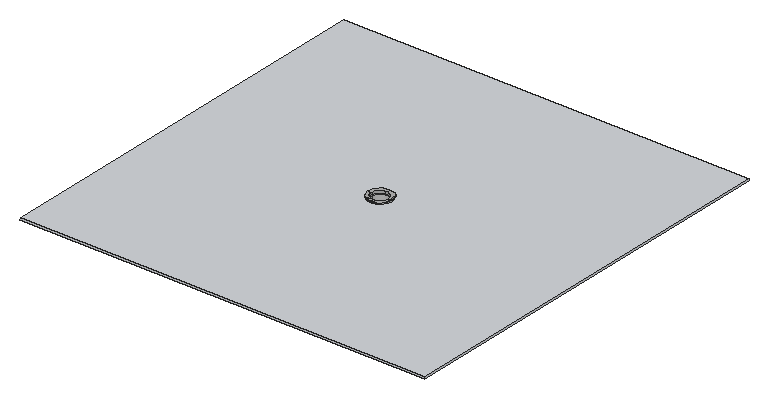
Revit family "LTR-4RD", category Lighting Fixtures, host Face, Revit 2021
Family settings
  Host = Face
  Round Connector Dimension = Use Diameter
  Part Type = Normal
  OmniClass Number = 23.80.70.11.14.11
  OmniClass Title = Downlights
  Cut with Voids When Loaded = No
  Light Source = Yes
  Shared = Yes
  Room Calculation Point = No
Parameters (values of type "LTR-4RD")
  Wattage Comments = "8-52"  # constant formula
  Wattage = 22.2 W
  Warranty = "5Years limited warranty"
  built-in parameter 1150110 = 1 (stored number, unit not read)
  Voltage = 120 V
  URL = "https://www.currentlighting.com/prescolite"
  built-in parameter 1114217 = 1 (stored number, unit not read)
  Tilt Angle = -90.00°
  built-in parameter 1150109 = 1 (stored number, unit not read)
  built-in parameter 1150134 = 12
  built-in parameter 1150113 = 1 (stored number, unit not read)
  Product Page URL = ""
  Product Documentation Link = ""
  Power Factor = 1
  Photometric Web File = "LTR-4RD-H-HL35L-DM1 LTR-4RD-T-HL35K8MDS.ies"
  Photometric Notes = "More IES files download on Photometric Web Link"  # constant formula
  Model = "LTR-4RD"  # constant formula
  Manufacturer = "Prescolite"  # constant formula
  built-in parameter 1150105 = 143.24 (stored number, unit not read)
  Lumens = 1799.98 lm
  built-in parameter 1150115 = 1 (stored number, unit not read)
  Load Classification = Lighting
  built-in parameter 1150137 = (empty or 0)
  built-in parameter 1150139 = (empty or 0)
  built-in parameter 1150112 = 1 (stored number, unit not read)
  built-in parameter 1150114 = 1 (stored number, unit not read)
  Lamp = "LED"  # constant formula
  built-in parameter 1150132 = (empty or 0)
  built-in parameter 1150102 = (empty or 0)
  built-in parameter 1150107 = 4000 (stored number, unit not read)
  built-in parameter 1150138 = (empty or 0)
  built-in parameter 1150106 = 1.4324 (stored number, unit not read)
  Glass = White Glass
  Features = "4inch architectural LED downlight delivering 600 – 4000 lm\r\n• Four beam distributions from 0.4 to 1.2 Spacing Criteria\r\n• Quiet reflector appearance with superior 50º optical cutoff\r\n• 2700K – 5000K, 80+ and 90+ CRI options\r\n• Available for New Construction (non-IC), Retrofit (non-IC), IC\r\nand Chicago Plenum applications\r\n• Variety of dimming protocol options including 0–10V, DALI,\r\nDMX, Lutron Forward Phase and EcoSystem\r\n• NX Distributed Intelligence™ wired and wireless controls\r\ncapability available"  # constant formula
  Emit from Circle Diameter = 4.00"  # constant formula
  Emit Shape Visible in Rendering = no
  built-in parameter 1150104 = 7.5326 (stored number, unit not read)
  Dimming Lamp Color Temperature Shift = <None>
  Description = "4in LED Downlight"  # constant formula
  Default Elevation = 48.00"
  Contact us = ""
  Color Filter = 16777215
  built-in parameter 1114218 = 1 (stored number, unit not read)
  Hardware Finish = Steel
  built-in parameter 1150133 = 10 (stored number, unit not read)
  Assembly Code = "D5020200"
  Apparent Load = 0 VA
Reference planes (in)
  plane 1 "Center (Front/Back)": y = 0.03999
  plane 2: z = 0
  plane 3 "Center (Left/Right)": x = -8.24832
  plane 4: x = -13.24832
  plane 5: x = 1.12668
  plane 6: y = 5.91499
  plane 7: y = -5.83501
  plane 8: z = -0.125
  plane 9: z = -2.865
  plane 10: z = -2.99
  plane 11: z = 0.51
  plane 12: z = 0.5725
  plane 13: x = -10.87332
  plane 14: x = -10.24832
  plane 15: x = -10.17454
  plane 16: x = -6.42646
  plane 17: x = -2.9049
  plane 18: x = -0.9049
  plane 19: y = 2.57276
  plane 20: y = -2.49278
  plane 21: through (-11.23409, -180, 3.23335) normal (0.9773, 0, 0.2119)
  plane 22: through (-10.98801, -180, 3.28671) normal (0.9773, 0, 0.2119)
  plane 23: y = 1.91499
  plane 24: y = -1.83501
  plane 25: z = 0.5625
  plane 26: z = -4.8175
Forms (in)
  Extrusion 1, solid
    sketch origin (-7.24832, 0, -2.58562) x (1, 0, 0) y (0, 1, 0)
      loop
        line (-48, 48) -> (-48, -48) -> (48, -48) -> (48, 48) -> (-48, 48)
    from 2.96062 to 2.58562
  Extrusion 2, void
    sketch origin (0, 0, 0) x (1, 0, 0) y (0, 1, 0)
      loop
        circle (-8.24832, 0.03999) r 2.125
    from 0.4375 to -0.125
  Extrusion 3, solid, material "Steel" <- "Hardware Finish", detail levels medium+fine
    sketch origin (0, 0, 0) x (1, 0, 0) y (0, 1, 0)
      loop
        line (-13.24832, 5.91499) -> (-13.24832, -5.83501) -> (1.12668, -5.83501) -> (1.12668, 5.91499) -> (-13.24832, 5.91499)
    from 0 to -0.125
  Revolve 4, solid, material "Steel" <- "Hardware Finish", detail levels medium+fine
    sketch origin (0, 0.03999, 0) x (1, 0, 0) y (0, 0, 1)
      loop
        line (-10.24832, -0.125) -> (-10.50598, -0.125) -> (-10.07914, -2.09375) -> (-9.82149, -2.09375) -> (-10.24832, -0.125)
      axis (-8.24832, -0.125) -> (-8.24832, -2.09375)
    angle from 0 to 360
  Revolve 5, solid, material "Steel" <- "Hardware Finish"
    sketch origin (0, 0.03999, 0) x (1, 0, 0) y (0, 0, 1)
      loop
        line (-10.24832, -0.125) -> (-10.24832, 0.5725) -> (-11.12332, 0.5725) -> (-11.12332, 0.51) -> (-10.74832, 0.51) -> (-10.74832, -0.125) -> (-10.24832, -0.125)
      axis (-8.24832, 0.5725) -> (-8.24832, -0.125)
    angle from 0 to 360
  Revolve 6, void
    sketch origin (0, 0.03999, 0) x (1, 0, 0) y (0, 0, 1)
      loop
        line (-10.18582, 0.8125) -> (-10.18582, 0) -> (-10.28716, 0) -> (-10.28716, -0.125) -> (-10.18582, -0.125) -> (-10.18582, -0.72216) -> (-9.71139, -2.865) -> (-8.24832, -2.865) -> (-8.24832, 0.8125) -> (-10.18582, 0.8125)
      axis (-8.24832, 0.8125) -> (-8.24832, -2.865)
    angle from 0 to 360
  Extrusion 7, solid, material "Steel" <- "Hardware Finish", detail levels medium+fine
    sketch origin (0, 0, 0) x (1, 0, 0) y (0, 1, 0)
      loop
        line (-2.9049, 2.57276) -> (-2.9049, -2.49278) -> (-0.9049, -2.49278) -> (-0.9049, 2.57276) -> (-2.9049, 2.57276)
    from -2.99 to 0
  Revolve 8, solid, material "Steel" <- "Hardware Finish", detail levels medium+fine
    sketch origin (0, 0.03999, 0) x (1, 0, 0) y (0, 0, 1)
      loop
        line (-10.34966, 0) -> (-10.34966, -0.125) -> (-10.24832, -0.125) -> (-10.24832, 0) -> (-10.34966, 0)
      axis (-8.24832, 0) -> (-8.24832, -0.125)
    angle from 0 to 360
  Extrusion 9, solid, material "White Glass" <- "Glass"
    sketch origin (-16.83938, -180, -2.99) x (-1, 0, 0) y (0, -1, 0)
      loop
        circle (-8.59106, -180.03999) r 2
    from 2.865 to 2.99
  Extrusion 10, solid, material "Steel" <- "Hardware Finish"
    sketch origin (-16.83938, -180, -2.99) x (-1, 0, 0) y (0, -1, 0)
      loop
        arc (-8.70908, -181.77339) -> (-8.53597, -181.78005) -> (-8.36304, -181.76953) r 1.74754
        line (-8.36304, -181.76953) -> (-8.36304, -181.67723) -> (-8.49788, -181.67723) -> (-8.49788, -181.55918) -> (-8.59106, -181.55918) -> (-8.59106, -181.67723) -> (-8.70908, -181.67723) -> (-8.70908, -181.77339)
      loop
        arc (-9.17317, -181.68651) -> (-8.99815, -181.73827) -> (-8.81868, -181.77148) r 1.74639
        line (-8.81868, -181.77148) -> (-8.79431, -181.68053) -> (-8.9248, -181.64556) -> (-8.89425, -181.53153) -> (-8.98425, -181.50742) -> (-9.0148, -181.62145) -> (-9.14629, -181.58621) -> (-9.17317, -181.68651)
      loop
        arc (-9.67441, -181.40975) -> (-9.52553, -181.51533) -> (-9.36646, -181.6048) r 1.74639
        line (-9.36646, -181.6048) -> (-9.31398, -181.52662) -> (-9.42615, -181.45133) -> (-9.36036, -181.35331) -> (-9.43772, -181.30138) -> (-9.50351, -181.3994) -> (-9.61654, -181.32353) -> (-9.67441, -181.40975)
      loop
        arc (-9.99201, -181.08268) -> (-9.87554, -181.2232) -> (-9.74504, -181.35079) r 1.74639
        line (-9.74504, -181.35079) -> (-9.67411, -181.28885) -> (-9.76297, -181.1871) -> (-9.67405, -181.10945) -> (-9.73534, -181.03927) -> (-9.82426, -181.11692) -> (-9.9138, -181.01438) -> (-9.99201, -181.08268)
      loop
        arc (-10.24565, -180.59873) -> (-10.1783, -180.76836) -> (-10.09362, -180.93004) r 1.74639
        line (-10.09362, -180.93004) -> (-10.00702, -180.89305) -> (-10.06009, -180.76881) -> (-9.95153, -180.72244) -> (-9.98813, -180.63675) -> (-10.09669, -180.68313) -> (-10.15016, -180.55794) -> (-10.24565, -180.59873)
      loop
        arc (-10.33389, -180.15145) -> (-10.31274, -180.33273) -> (-10.27278, -180.51082) r 1.74639
        line (-10.27278, -180.51082) -> (-10.17956, -180.4975) -> (-10.19867, -180.36376) -> (-10.0818, -180.34707) -> (-10.09498, -180.25483) -> (-10.21184, -180.27153) -> (-10.23109, -180.13677) -> (-10.33389, -180.15145)
      loop
        line (-7.92357, -181.65379) -> (-7.95566, -181.55504) -> (-8.08512, -181.5971) -> (-8.1216, -181.48483) -> (-8.21021, -181.51362) -> (-8.17373, -181.62589) -> (-8.30222, -181.66764) -> (-8.27312, -181.7572)
        arc (-8.27312, -181.7572) -> (-8.09564, -181.71464) -> (-7.92357, -181.65379) r 1.74639
      loop
        line (-7.5077, -181.40975) -> (-7.56557, -181.32353) -> (-7.6786, -181.3994) -> (-7.74439, -181.30138) -> (-7.82176, -181.35331) -> (-7.75596, -181.45133) -> (-7.86813, -181.52662) -> (-7.81565, -181.6048)
        arc (-7.81565, -181.6048) -> (-7.65658, -181.51533) -> (-7.5077, -181.40975) r 1.74639
      loop
        line (-7.1901, -181.08268) -> (-7.26831, -181.01438) -> (-7.35785, -181.11692) -> (-7.44677, -181.03927) -> (-7.50806, -181.10945) -> (-7.41914, -181.1871) -> (-7.508, -181.28885) -> (-7.43707, -181.35079)
        arc (-7.43707, -181.35079) -> (-7.30657, -181.2232) -> (-7.1901, -181.08268) r 1.74639
      loop
        line (-6.93646, -180.59873) -> (-7.03195, -180.55794) -> (-7.08542, -180.68313) -> (-7.19398, -180.63675) -> (-7.23058, -180.72244) -> (-7.12202, -180.76881) -> (-7.17509, -180.89305) -> (-7.08849, -180.93004)
        arc (-7.08849, -180.93004) -> (-7.00381, -180.76836) -> (-6.93646, -180.59873) r 1.74639
      loop
        line (-6.84822, -180.15145) -> (-6.95102, -180.13677) -> (-6.97027, -180.27153) -> (-7.08713, -180.25483) -> (-7.10031, -180.34707) -> (-6.98344, -180.36376) -> (-7.00255, -180.4975) -> (-6.90933, -180.51082)
        arc (-6.90933, -180.51082) -> (-6.86937, -180.33273) -> (-6.84822, -180.15145) r 1.74639
      loop
        line (-8.70908, -178.30659) -> (-8.70908, -178.40275) -> (-8.59106, -178.40275) -> (-8.59106, -178.5208) -> (-8.49788, -178.5208) -> (-8.49788, -178.40275) -> (-8.36304, -178.40275) -> (-8.36304, -178.31045)
        arc (-8.36304, -178.31045) -> (-8.53597, -178.29993) -> (-8.70908, -178.30659) r 1.74754
      loop
        line (-9.17317, -178.39347) -> (-9.14629, -178.49377) -> (-9.0148, -178.45854) -> (-8.98425, -178.57257) -> (-8.89425, -178.54845) -> (-8.9248, -178.43442) -> (-8.79431, -178.39946) -> (-8.81868, -178.3085)
        arc (-8.81868, -178.3085) -> (-8.99815, -178.34171) -> (-9.17317, -178.39347) r 1.74639
      loop
        line (-9.67441, -178.67023) -> (-9.61654, -178.75645) -> (-9.50351, -178.68058) -> (-9.43772, -178.7786) -> (-9.36036, -178.72668) -> (-9.42615, -178.62866) -> (-9.31398, -178.55337) -> (-9.36646, -178.47518)
        arc (-9.36646, -178.47518) -> (-9.52553, -178.56465) -> (-9.67441, -178.67023) r 1.74639
      loop
        line (-9.99201, -178.9973) -> (-9.9138, -179.0656) -> (-9.82426, -178.96307) -> (-9.73534, -179.04072) -> (-9.67405, -178.97054) -> (-9.76297, -178.89288) -> (-9.67411, -178.79113) -> (-9.74504, -178.72919)
        arc (-9.74504, -178.72919) -> (-9.87554, -178.85678) -> (-9.99201, -178.9973) r 1.74639
      loop
        line (-10.24565, -179.48125) -> (-10.15016, -179.52204) -> (-10.09669, -179.39686) -> (-9.98813, -179.44323) -> (-9.95153, -179.35754) -> (-10.06009, -179.31117) -> (-10.00702, -179.18693) -> (-10.09362, -179.14994)
        arc (-10.09362, -179.14994) -> (-10.1783, -179.31162) -> (-10.24565, -179.48125) r 1.74639
      loop
        line (-10.33389, -179.92853) -> (-10.23109, -179.94321) -> (-10.21184, -179.80846) -> (-10.09498, -179.82515) -> (-10.0818, -179.73291) -> (-10.19867, -179.71622) -> (-10.17956, -179.58248) -> (-10.27278, -179.56916)
        arc (-10.27278, -179.56916) -> (-10.31274, -179.74725) -> (-10.33389, -179.92853) r 1.74639
      loop
        arc (-7.92357, -178.42619) -> (-8.09564, -178.36534) -> (-8.27312, -178.32278) r 1.74639
        line (-8.27312, -178.32278) -> (-8.30222, -178.41234) -> (-8.17373, -178.45409) -> (-8.21021, -178.56636) -> (-8.1216, -178.59516) -> (-8.08512, -178.48288) -> (-7.95566, -178.52495) -> (-7.92357, -178.42619)
      loop
        arc (-7.5077, -178.67023) -> (-7.65658, -178.56465) -> (-7.81565, -178.47518) r 1.74639
        line (-7.81565, -178.47518) -> (-7.86813, -178.55337) -> (-7.75596, -178.62866) -> (-7.82176, -178.72668) -> (-7.74439, -178.7786) -> (-7.6786, -178.68058) -> (-7.56557, -178.75645) -> (-7.5077, -178.67023)
      loop
        arc (-7.1901, -178.9973) -> (-7.30657, -178.85678) -> (-7.43707, -178.72919) r 1.74639
        line (-7.43707, -178.72919) -> (-7.508, -178.79113) -> (-7.41914, -178.89288) -> (-7.50806, -178.97054) -> (-7.44677, -179.04072) -> (-7.35785, -178.96307) -> (-7.26831, -179.0656) -> (-7.1901, -178.9973)
      loop
        arc (-6.93646, -179.48125) -> (-7.00381, -179.31162) -> (-7.08849, -179.14994) r 1.74639
        line (-7.08849, -179.14994) -> (-7.17509, -179.18693) -> (-7.12202, -179.31117) -> (-7.23058, -179.35754) -> (-7.19398, -179.44323) -> (-7.08542, -179.39686) -> (-7.03195, -179.52204) -> (-6.93646, -179.48125)
      loop
        arc (-6.84822, -179.92853) -> (-6.86937, -179.74725) -> (-6.90933, -179.56916) r 1.74639
        line (-6.90933, -179.56916) -> (-7.00255, -179.58248) -> (-6.98344, -179.71622) -> (-7.10031, -179.73291) -> (-7.08713, -179.82515) -> (-6.97027, -179.80846) -> (-6.95102, -179.94321) -> (-6.84822, -179.92853)
    from 1.04065 to -1.6925
  Extrusion 11, solid
    sketch origin (-16.83938, -180, -2.99) x (-1, 0, 0) y (0, -1, 0)
      loop
        circle (-8.59106, -180.03999) r 1.51919
    from 1.03125 to -1.6925
  Sweep 12, solid, material "Steel" <- "Hardware Finish"
    path in 3D
      loop
        line (-1.88573, 2.57276, -2.77177) -> (-1.88573, 3.09861, -2.77177)
        arc (-1.88573, 3.09861, -2.77177) -> (-2.1054, 3.62894, -2.77177) -> (-2.63573, 3.84861, -2.77177) r 0.75
        line (-2.63573, 3.84861, -2.77177) -> (-5.9803, 3.84861, -2.77177) -> (-6.699, 3.84861, -2.77177)
        arc (-6.699, 3.84861, -2.77177) -> (-7.31481, 3.59353, -2.77177) -> (-7.56988, 2.97772, -2.77177) r 0.87089
        line (-7.56988, 2.97772, -2.77177) -> (-7.56988, 1.66951, -2.77177)
    profile origin (-2.1054, 3.62894, -2.77177) x (-0.707107, -0.707107, 0) y (0, 0, 1)
      loop
        circle (0, 0) r 0.09795
  Extrusion 13, solid, material "Steel" <- "Hardware Finish"
    sketch origin (0, 0.03999, 0) x (1, 0, 0) y (0, 0, 1)
      loop
        line (-8.24832, -0.125) -> (-10.37143, -0.125) -> (-12.11845, -1.30298)
        arc (-12.11845, -1.30298) -> (-12.04626, -1.48163) -> (-11.86847, -1.55587) r 0.25
        line (-11.86847, -1.55587) -> (-11.27597, -1.55587) -> (-10.37143, -1.01237) -> (-8.24832, -1.01237) -> (-8.24832, -0.125)
    from 2.12755 to 2.27227
  Extrusion 14, solid, material "Steel" <- "Hardware Finish"
    sketch origin (-16.49665, 0.03999, 0) x (-1, 0, 0) y (0, 0, 1)
      loop
        line (-8.24832, -0.125) -> (-10.37143, -0.125) -> (-12.11845, -1.30298)
        arc (-12.11845, -1.30298) -> (-12.04626, -1.48163) -> (-11.86847, -1.55587) r 0.25
        line (-11.86847, -1.55587) -> (-11.27597, -1.55587) -> (-10.37143, -1.01237) -> (-8.24832, -1.01237) -> (-8.24832, -0.125)
    from 2.12755 to 2.27227
Cuts and joins
  Revolve 6 cuts Extrusion 3
  joined: Extrusion 3, Extrusion 7
  joined: Revolve 4, Revolve 8
  Revolve 6 cuts Revolve 5
Lines and regions (in)
  symbolic lines
    curve 1: line (-13.24832, 5.91499, -2.99) -> (1.12668, 5.91499, -2.99)
    curve 2: line (-13.24832, -5.83501, -2.99) -> (-13.24832, 5.91499, -2.99)
    curve 3: line (1.12668, -5.83501, -2.99) -> (-13.24832, -5.83501, -2.99)
    curve 4: line (1.12668, 5.91499, -2.99) -> (1.12668, -5.83501, -2.99)
    curve 5: circle (-8.24832, 0.03999, -2.99) r 2.625 normal (0, 0, 1)
    curve 6: circle (-8.24832, 0.03999, -2.99) r 2 normal (0, 0, 1)
  sketch lines
    curve 7: arc (-1.88573, 3.09861, -2.77177) -> (-2.1054, 3.62894, -2.77177) -> (-2.63573, 3.84861, -2.77177) r 0.75
    curve 8: line (-1.88573, 3.09861, -2.77177) -> (-1.88573, 2.57276, -2.77177)
    curve 9: line (-5.9803, 3.84861, -2.77177) -> (-2.63573, 3.84861, -2.77177)
    curve 10: line (-5.9803, 3.84861, -2.77177) -> (-6.699, 3.84861, -2.77177)
    curve 11: arc (-6.699, 3.84861, -2.77177) -> (-7.31481, 3.59353, -2.77177) -> (-7.56988, 2.97772, -2.77177) r 0.87089
    curve 12: line (-7.56988, 2.97772, -2.77177) -> (-7.56988, 1.66951, -2.77177)
Dimensions and locks (in)
  equal spacing: plane 7, plane 1 "Center (Front/Back)", plane 6, locked at 5.875 each
  locked: plane 6 to plane 7 at 11.75
  locked: plane 4 to plane 5 at 14.375
  locked: plane 4 to plane 3 "Center (Left/Right)" at 5
  locked: Extrusion 1 to plane 8 at 0.5
  locked: Revolve 4 sketch curve to Revolve 4 sketch curve at 2
  locked: plane 11 to plane 2 at 0.51
  locked: plane 12 to plane 11 at 0.0625
  locked: plane 3 "Center (Left/Right)" to plane 13 at 2.625
  locked: plane 3 "Center (Left/Right)" to plane 14 at 2
  locked: plane 2 to plane 8 at 0.125
  locked: plane 17 to plane 18 at 2
  equal spacing: plane 19, plane 1 "Center (Front/Back)", plane 20, locked at 2.53277 each
  locked: plane 9 to plane 10 at 0.125
  locked: plane 11 to plane 10 at 3.5
  equal spacing: plane 23, plane 1 "Center (Front/Back)", plane 24, locked at 1.875 each
  imposter light to plane 26 = 5.38"
  aligned and locked: Extrusion 3 sketch curve to plane 6
  aligned and locked: plane 4 to Extrusion 3 sketch curve
  aligned and locked: Extrusion 3 sketch curve to plane 7
  aligned and locked: Extrusion 3 sketch curve to plane 5
  aligned and locked: Extrusion 3 to plane 8
  aligned and locked: Revolve 4 sketch curve to plane 3 "Center (Left/Right)"
  aligned and locked: Revolve 5 sketch curve to plane 3 "Center (Left/Right)"
  aligned and locked: Revolve 6 sketch curve to plane 3 "Center (Left/Right)"
  aligned and locked: level to Extrusion 7
  aligned and locked: Extrusion 7 to plane 10
  aligned and locked: plane 18 to cut or joined group of Extrusion 3, Revolve 6, Extrusion 7
  aligned and locked: plane 17 to cut or joined group of Extrusion 3, Revolve 6, Extrusion 7
  aligned and locked: plane 20 to cut or joined group of Extrusion 3, Revolve 6, Extrusion 7
  aligned and locked: plane 19 to cut or joined group of Extrusion 3, Revolve 6, Extrusion 7
  aligned and locked: plane 21 to Revolve 4 sketch curve
  aligned and locked: plane 22 to Revolve 4 sketch curve
  aligned and locked: Extrusion 9 to plane 8
  aligned and locked: plane 2 to Extrusion 9
  aligned and locked: Extrusion 1 to plane 2
  aligned and locked: curve 1 to cut or joined group of Extrusion 3, Revolve 6, Extrusion 7
  aligned and locked: curve 2 to cut or joined group of Extrusion 3, Revolve 6, Extrusion 7
  aligned and locked: curve 3 to cut or joined group of Extrusion 3, Revolve 6, Extrusion 7
  aligned and locked: curve 4 to cut or joined group of Extrusion 3, Revolve 6, Extrusion 7
  aligned and locked: Extrusion 2 to plane 8
  aligned and locked: imposter light to plane 25
Automatic sketch dimensions
  Extrusion 1 sketch curve to Extrusion 1 sketch curve = 96.00"  (x2)
  plane 1 "Center (Front/Back)" to Extrusion 2 sketch curve = 0.00"
  Extrusion 2 sketch curve to plane 3 "Center (Left/Right)" = 0.00"
  plane 15 to Revolve 4 sketch curve = 0.0954"
  Revolve 4 sketch curve to plane 26 = 0.31746"
  plane 25 to Revolve 4 sketch curve = 1.81246"
  Revolve 6 sketch curve to plane 8 = 0.00"
  Revolve 6 sketch curve to level = 0.00"
  Revolve 6 sketch curve to plane 9 = 0.00"
  Revolve 6 sketch curve to plane 3 "Center (Left/Right)" = 0.00"
  plane 15 to Revolve 6 sketch curve = 0.46314"
  Revolve 6 sketch curve to plane 15 = 0.01129"  (x2)
  Revolve 6 sketch curve to Revolve 6 sketch curve = 0.10133"
  Revolve 6 sketch curve to plane 8 = 0.59716"
  plane 25 to Revolve 6 sketch curve = 0.25"
  Revolve 6 sketch curve to Revolve 6 sketch curve = 0.60785"
  Revolve 6 sketch curve to Revolve 6 sketch curve = 1.41768"
  Extrusion 7 sketch curve to plane 17 = 0.00"
  Extrusion 7 sketch curve to plane 18 = 0.00"
  plane 20 to Extrusion 7 sketch curve = 0.00"
  Extrusion 7 sketch curve to plane 19 = 0.00"
  Revolve 8 sketch curve to plane 8 = 0.00"
  Revolve 8 sketch curve to level = 0.00"
  Revolve 8 sketch curve to plane 3 "Center (Left/Right)" = 0.00"
  Revolve 8 sketch curve to plane 15 = 0.07379"
  Revolve 8 sketch curve to Revolve 8 sketch curve = 0.10133"
  Revolve 8 sketch curve to plane 8 = 0.33144"
  level to Revolve 8 sketch curve = 0.12368"
  plane 1 "Center (Front/Back)" to Extrusion 9 sketch curve = 0.00"
  Extrusion 9 sketch curve to plane 3 "Center (Left/Right)" = 0.00"
  curve 5 to curve 6 = 0.00"  (x2)
  plane 1 "Center (Front/Back)" to curve 6 = 0.00"
  curve 6 to plane 3 "Center (Left/Right)" = 0.00"
  Extrusion 10 sketch curve to Extrusion 10 sketch curve = 0.00"  (x383)
  plane 1 "Center (Front/Back)" to Extrusion 10 sketch curve = 0.00"
  Extrusion 10 sketch curve to plane 3 "Center (Left/Right)" = 0.00"  (x3)
  Extrusion 10 sketch curve to Extrusion 10 sketch curve = 0.11803"  (x2)
  Extrusion 10 sketch curve to Extrusion 10 sketch curve = 0.08523"  (x2)
  Extrusion 10 sketch curve to plane 24 = 0.14351"
  Extrusion 10 sketch curve to Extrusion 10 sketch curve = 0.02437"  (x2)
  Extrusion 10 sketch curve to plane 23 = 0.14351"
  Extrusion 10 sketch curve to Extrusion 10 sketch curve = 0.09994"  (x2)
  Extrusion 10 sketch curve to Extrusion 10 sketch curve = 0.03055"  (x2)
  Extrusion 10 sketch curve to Extrusion 10 sketch curve = 0.09"  (x4)
  Extrusion 10 sketch curve to plane 24 = 0.29355"
  Extrusion 10 sketch curve to plane 23 = 0.29355"
  Extrusion 10 sketch curve to plane 24 = 0.32878"
  Extrusion 10 sketch curve to plane 23 = 0.32878"
  Extrusion 10 sketch curve to Extrusion 10 sketch curve = 0.16769"  (x2)
  Extrusion 10 sketch curve to Extrusion 10 sketch curve = 0.04638"  (x4)
  Extrusion 10 sketch curve to plane 24 = 0.31019"  (x2)
  Extrusion 10 sketch curve to Extrusion 10 sketch curve = 0.05248"  (x4)
  Extrusion 10 sketch curve to plane 23 = 0.31019"  (x2)
  Extrusion 10 sketch curve to plane 24 = 0.46367"  (x2)
  Extrusion 10 sketch curve to Extrusion 10 sketch curve = 0.06579"  (x4)
  Extrusion 10 sketch curve to plane 23 = 0.46367"  (x2)
  Extrusion 10 sketch curve to plane 23 = 0.61361"  (x2)
  Extrusion 10 sketch curve to plane 24 = 0.61361"  (x2)
  Extrusion 10 sketch curve to plane 23 = 0.51559"  (x2)
  Extrusion 10 sketch curve to plane 24 = 0.51559"  (x2)
  Extrusion 10 sketch curve to plane 24 = 0.59146"  (x2)
  Extrusion 10 sketch curve to plane 23 = 0.59146"  (x2)
  Extrusion 10 sketch curve to Extrusion 10 sketch curve = 0.05752"  (x4)
  Extrusion 10 sketch curve to Extrusion 10 sketch curve = 0.05757"  (x4)
  Extrusion 10 sketch curve to Extrusion 10 sketch curve = 0.06129"  (x8)
  Extrusion 10 sketch curve to Extrusion 10 sketch curve = 0.07063"  (x4)
  Extrusion 10 sketch curve to Extrusion 10 sketch curve = 0.08892"  (x4)
  Extrusion 10 sketch curve to Extrusion 10 sketch curve = 0.08954"  (x4)
  Extrusion 10 sketch curve to Extrusion 10 sketch curve = 0.03773"  (x4)
  Extrusion 10 sketch curve to Extrusion 10 sketch curve = 0.0366"  (x8)
  Extrusion 10 sketch curve to Extrusion 10 sketch curve = 0.07821"  (x4)
  Extrusion 10 sketch curve to Extrusion 10 sketch curve = 0.09322"  (x4)
  Extrusion 10 sketch curve to Extrusion 10 sketch curve = 0.10856"  (x4)
  Extrusion 10 sketch curve to Extrusion 10 sketch curve = 0.09367"  (x4)
  Extrusion 10 sketch curve to Extrusion 10 sketch curve = 0.0866"  (x4)
  plane 1 "Center (Front/Back)" to Extrusion 10 sketch curve = 0.21484"  (x2)
  Extrusion 10 sketch curve to Extrusion 10 sketch curve = 0.01318"  (x6)
  Extrusion 10 sketch curve to plane 1 "Center (Front/Back)" = 0.21484"  (x2)
  Extrusion 10 sketch curve to Extrusion 10 sketch curve = 0.05347"  (x4)
  Extrusion 10 sketch curve to Extrusion 10 sketch curve = 0.0294"  (x4)
  Extrusion 10 sketch curve to Extrusion 10 sketch curve = 0.11687"  (x2)
  Extrusion 10 sketch curve to plane 1 "Center (Front/Back)" = 0.09678"  (x2)
  Extrusion 10 sketch curve to Extrusion 10 sketch curve = 0.01925"  (x2)
  plane 1 "Center (Front/Back)" to Extrusion 10 sketch curve = 0.09678"  (x2)
  Extrusion 10 sketch curve to Extrusion 10 sketch curve = 0.09549"  (x4)
  Extrusion 10 sketch curve to Extrusion 10 sketch curve = 0.02713"  (x4)
  plane 1 "Center (Front/Back)" to Extrusion 10 sketch curve = 0.00737"
  Extrusion 10 sketch curve to plane 3 "Center (Left/Right)" = 0.03559"
  Extrusion 10 sketch curve to plane 1 "Center (Front/Back)" = 0.00737"
  Extrusion 10 sketch curve to plane 3 "Center (Left/Right)" = 0.09318"  (x2)
  Extrusion 10 sketch curve to Extrusion 10 sketch curve = 0.13484"  (x2)
  Extrusion 10 sketch curve to Extrusion 10 sketch curve = 0.06082"  (x2)
  Extrusion 10 sketch curve to plane 24 = 0.15779"
  Extrusion 10 sketch curve to Extrusion 10 sketch curve = 0.08992"  (x2)
  Extrusion 10 sketch curve to plane 23 = 0.15779"
  Extrusion 10 sketch curve to Extrusion 10 sketch curve = 0.092"  (x2)
  Extrusion 10 sketch curve to Extrusion 10 sketch curve = 0.03648"  (x2)
  Extrusion 10 sketch curve to Extrusion 10 sketch curve = 0.08861"  (x4)
  Extrusion 10 sketch curve to plane 24 = 0.31789"
  Extrusion 10 sketch curve to plane 23 = 0.31789"
  Extrusion 10 sketch curve to plane 23 = 0.35996"
  Extrusion 10 sketch curve to plane 24 = 0.35996"
  Extrusion 10 sketch curve to Extrusion 10 sketch curve = 0.08752"  (x2)
  Extrusion 10 sketch curve to plane 1 "Center (Front/Back)" = 0.30708"
  plane 1 "Center (Front/Back)" to Extrusion 10 sketch curve = 0.30708"
  Extrusion 10 sketch curve to plane 1 "Center (Front/Back)" = 0.32377"
  plane 1 "Center (Front/Back)" to Extrusion 10 sketch curve = 0.32377"
  Extrusion 10 sketch curve to plane 1 "Center (Front/Back)" = 0.23153"
  plane 1 "Center (Front/Back)" to Extrusion 10 sketch curve = 0.23153"
  Extrusion 10 sketch curve to Extrusion 10 sketch curve = 0.00191"
  Extrusion 10 sketch curve to Extrusion 10 sketch curve = 0.09616"
  Extrusion 10 sketch curve to Extrusion 10 sketch curve = 0.11805"  (x2)
  Extrusion 10 sketch curve to Extrusion 10 sketch curve = 0.05895"  (x2)
  Extrusion 10 sketch curve to Extrusion 10 sketch curve = 0.15265"  (x2)
  Extrusion 10 sketch curve to Extrusion 10 sketch curve = 0.06044"  (x2)
  Extrusion 10 sketch curve to Extrusion 10 sketch curve = 0.12134"  (x3)
  Extrusion 10 sketch curve to Extrusion 10 sketch curve = 0.01233"
  plane 1 "Center (Front/Back)" to Extrusion 11 sketch curve = 0.00"
  Extrusion 11 sketch curve to plane 3 "Center (Left/Right)" = 0.00"
  Sweep 12 sketch curve to profile plane = 0.00"
  profile plane to Sweep 12 sketch curve = 0.00"
  Extrusion 14 sketch curve to plane 8 = 0.00"
  Extrusion 14 sketch curve to plane 3 "Center (Left/Right)" = 0.00"
  plane 16 to Extrusion 14 sketch curve = 0.30123"  (x2)
  Extrusion 14 sketch curve to Extrusion 14 sketch curve = 0.90454"
  Extrusion 14 sketch curve to Extrusion 14 sketch curve = 0.5925"
  Extrusion 14 sketch curve to plane 8 = 1.43087"
  Extrusion 14 sketch curve to Extrusion 14 sketch curve = 0.25"
  Extrusion 14 sketch curve to plane 8 = 0.88737"
  Extrusion 14 sketch curve to plane 8 = 1.17798"
  Extrusion 13 sketch curve to plane 8 = 0.00"
  Extrusion 13 sketch curve to plane 3 "Center (Left/Right)" = 0.00"
  Extrusion 13 sketch curve to plane 15 = 0.19689"  (x2)
  Extrusion 13 sketch curve to Extrusion 13 sketch curve = 0.90454"
  Extrusion 13 sketch curve to Extrusion 13 sketch curve = 0.5925"
  Extrusion 13 sketch curve to plane 8 = 0.88737"
  Extrusion 13 sketch curve to plane 8 = 1.18087"
  Extrusion 13 sketch curve to Extrusion 13 sketch curve = 0.25"
  Extrusion 13 sketch curve to Extrusion 13 sketch curve = 0.24998"
  Revolve 5 sketch curve to plane 12 = 0.00"
  Revolve 5 sketch curve to plane 11 = 0.00"
  Revolve 5 sketch curve to plane 8 = 0.00"
  Revolve 5 sketch curve to plane 14 = 0.00"
  plane 13 to Revolve 5 sketch curve = 0.125"
  Revolve 5 sketch curve to plane 13 = 0.25"
  plane 9 to Revolve 5 sketch curve = 0.59192"
  plane 25 to Revolve 5 sketch curve = 2.10402"
  radius of Extrusion 2 sketch curve = 2.125"
  radius of Extrusion 9 sketch curve = 2.00"
  radius of curve 5 = 2.625"
  radius of curve 6 = 2.00"
  radius of Extrusion 11 sketch curve = 1.51919"
  radius of Sweep 12 sketch curve = 0.09795"
Connectors (in)
  electrical at (-8.3005, 0.03999, -3.125), driven by "Description", driven by "Load Classification", driven by "Voltage", driven by "Apparent Load", driven by "Power Factor"
    settings: on cut or joined group of Extrusion 3, Revolve 6, Extrusion 7, index 1, voltage 120 V, apparent load 0 VA, apparent load phase1 0 VA, apparent load phase2 0 VA, apparent load phase3 0 VA, power factor 1, load classification "Lighting", number of poles 1, system type 30, power factor state 1, is connector primary yes, connector utility no, sub classification motor no, connector description "4in LED Downlight"
